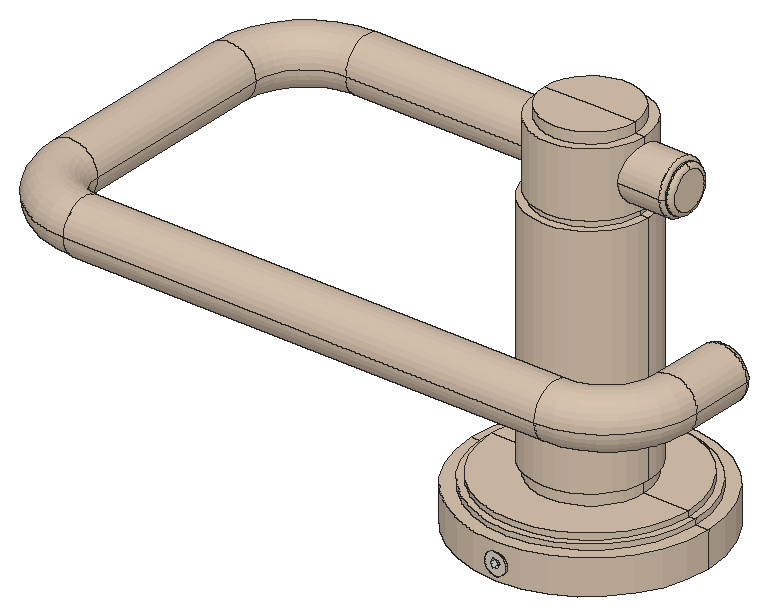
Revit family "Accessory-Tissue_Holder-KALLISTA-Vir_Stil-P80266_1", category Specialty Equipment, host Face, Revit 2021
Family settings
  Host = Face
  Round Connector Dimension = Use Diameter
  Part Type = Normal
  OmniClass Number = 23.31.25.00
  OmniClass Title = Toilet and Bath Specialties
  Cut with Voids When Loaded = No
  Shared = No
  Room Calculation Point = No
Parameters (values of type "BAF-Brushed French Gold")
  Width = 3.42126"  # constant formula
  WaterSense Certified = 1 = 0  # no
  URL = "https://www.kallista.com/"
  Type = 1
  Product Page URL = ""
  Product Name = "Vir Stil"  # constant formula
  Product Documentation Link = ""
  Model = if(Type = 1, "P80266-00-BAF", if(Type = 2, "P80266-00-BN", if(Type = 3, "P80266-00-CP", if(Type = 4, "P80266-00-SN", "NA"))))  # "P80266-00-BAF"
  Material = "Premium Metal Construction"  # constant formula
  Master Format 2014 Name = "Toilet, Bath, and Laundry Accessories"  # constant formula
  Master Format 2014 = "10 28 00"  # constant formula
  Manufacturer Address = "444 Highland Dr. Kohler, WI 53044"  # constant formula
  Manufacturer = "Kallista Co."  # constant formula
  Length = 5.94882"  # constant formula
  Height = 4.40945"  # constant formula
  Finish = Kallista-Metal-BAF-Brushed_French_Gold
  Environmental Product Declaration = ""
  Description = "Tissue Paper Holder Minimal"  # constant formula
  Default Elevation = 42"
  Declare Label = ""
  Date Modified = "10/28/2023"  # constant formula
  Date Created = "10/28/2023"  # constant formula
  Copyright = "Copyright Kallista Co."  # constant formula
  Contact Us = "https://www.kallista.com/corporate/contact-us/"
  Assembly Code = "C1030200"
  ADA Compliant = 1 = 0  # no
Types (5): name | Type | Model | Finish
  (no name) | 1 | "P80266-00-BAF" | Kallista-Metal-BAF-Brushed_French_Gold
  BAF-Brushed French Gold | 1 | "P80266-00-BAF" | Kallista-Metal-BAF-Brushed_French_Gold
  BN-Brushed Nickel | 2 | "P80266-00-BN" | Kallista-Metal-BN-Brushed_Nickel
  CP-Chrome | 3 | "P80266-00-CP" | Kallista-Metal-CP-Chrome
  SN-Polished Nickel | 4 | "P80266-00-SN" | Kallista-Metal-SN-Polished_Nickel
Reference planes (in)
  plane 1 "Center (Front/Back)": y = 0
  plane 2: z = 0
  plane 3 "Center (Left/Right)": x = 0
  plane 4: y = -3.32677
  plane 5: y = -2.85433
  plane 6: x = -2.50197
  plane 7: x = -2.97441
  plane 8: y = 0.23622
  plane 9: y = -0.23622
  plane 10: x = 1.08268
  plane 11: x = -1.08268
  plane 12: y = -1.08268
  plane 13: y = 1.08268
  plane 14: x = 2.97441
  plane 15: x = 2.50197
  plane 16: y = -1.87008
  plane 17: x = 0.5315
  plane 18: x = -0.5315
  plane 19: y = 0.5315
  plane 20: y = -0.5315
  plane 21: z = 3.42126
  plane 22: z = 2.79525
  plane 23: z = 3.26769
  plane 24: z = 0.41339
Dimensions and locks (in)
  level to plane 21 = 3.42126"
  plane 19 to plane 20 = 1.06299"
  level to plane 24 = 0.41339"
  plane 22 to plane 23 = 0.47244"
  plane 13 to plane 12 = 2.16535"
  "Height": plane 13 to plane 4
  plane 13 to plane 16 = 2.95276"
  plane 11 to plane 10 = 2.16535"
  plane 7 to plane 14 = 5.94882"
  "Length": plane 7 to plane 14
  "Width": level to plane 21
  aligned and locked: plane 2 to host face
  aligned and locked: level to host face
Automatic sketch dimensions
  host sketch curve to host sketch curve = 96"  (x2)
Nested families (in)
  nested 1: "P80266" at (0, 0, 0), type "P80266"
Definition of nested family "P80266"
  Parameters
    Material = none
    Default Elevation = 0"
  Reference planes (in)
    plane 1 "Center (Front/Back)": y = 0
    plane 2: z = 0
    plane 3 "Center (Left/Right)": x = 0
    plane 4: z = 3.42126
    plane 5: z = 0.41339
    plane 6: y = 0.5315
    plane 7: y = -0.5315
    plane 8: x = 2.97441
    plane 9: x = -2.97441
    plane 10: x = -0.5315
    plane 11: x = 0.5315
    plane 12: x = -1.08268
    plane 13: x = 1.08268
    plane 14: y = -1.08268
    plane 15: y = 1.08268
    plane 16: y = -1.87008
    plane 17: y = -3.32677
    plane 18: y = -2.85433
    plane 19: x = -2.50197
    plane 20: x = 2.50197
    plane 21: y = 0.23622
    plane 22: y = -0.23622
    plane 23: z = 2.79525
    plane 24: z = 3.26769
  Forms (in)
    Revolve 1, solid, material <- "Material", detail levels medium+fine
      sketch origin (0, 0, 0) x (1, 0, 0) y (0, 0, 1)
        loop
          line (0, 0) -> (0, 3.42126) -> (-0.41141, 3.42126) -> (-0.41141, 3.32746) -> (-0.49382, 3.32746) -> (-0.49382, 2.74015) -> (-0.46235, 2.74015) -> (-0.46235, 2.67738) -> (-0.5315, 2.67738) -> (-0.5315, 0.53147) -> (-0.49238, 0.53147) -> (-0.49238, 0.41339) -> (-0.89849, 0.41339) -> (-0.89849, 0.3622) -> (-0.96063, 0.3622) -> (-0.96063, 0.31496) -> (-1.08268, 0.31496) -> (-1.08268, 0) -> (0, 0)
        axis (0, 0) -> (0, 3.42126)
      angle from 0 to 360
    Sweep 2, solid, material <- "Material", detail levels medium+fine
      path origin (0, 0, 0) x (1, 0, 0) y (0, 1, 0)
        loop
          line (2.7392, -1.88028) -> (2.7392, -2.50019)
          arc (2.7392, -2.50019) -> (2.56624, -2.91777) -> (2.14865, -3.09074) r 0.59055
          line (2.14865, -3.09074) -> (-2.14812, -3.09074)
          arc (-2.14812, -3.09074) -> (-2.5657, -2.91777) -> (-2.73867, -2.50019) r 0.59055
          line (-2.73867, -2.50019) -> (-2.73867, -0.69383)
          arc (-2.73867, -0.69383) -> (-2.53552, -0.2034) -> (-2.0451, -0.00025) r 0.69357
          line (-2.0451, -0.00025) -> (0.85049, -0.00025)
      profile origin (2.7392, -2.19023, 0) x (1, 0, 0) y (0, 0, 1)
        loop
          circle (0, 3.03273) r 0.23734
    Sweep 3, solid, material <- "Material", detail levels medium+fine
      path origin (0, 0, 0) x (1, 0, 0) y (0, 1, 0)
        loop
          line (0.90591, 0.00021) -> (0.83007, 0.00021)
      profile origin (0.86799, 0.00021, 0) x (0, -1, 0) y (0, 0, 1)
        loop
          circle (0.00021, 3.03031) r 0.20617
    Revolve 4, void
      sketch origin (2.7392, 0, 0) x (0, 1, 0) y (0, 0, 1)
        loop
          line (-1.88028, 3.27007) -> (-1.9354, 3.27007)
          arc (-1.9354, 3.27007) -> (-1.89642, 3.25393) -> (-1.88028, 3.21495) r 0.05512
          line (-1.88028, 3.21495) -> (-1.88028, 3.27007)
        axis (-1.88028, 3.03273) -> (-1.9354, 3.03273)
      angle from 0 to 360
    Revolve 5, void
      sketch origin (0, 0, 0) x (1, 0, 0) y (0, 0, 1)
        loop
          line (0.90591, 3.23648) -> (0.86654, 3.23648)
          arc (0.86654, 3.23648) -> (0.89438, 3.22495) -> (0.90591, 3.19711) r 0.03937
          line (0.90591, 3.19711) -> (0.90591, 3.23648)
        axis (0.90591, 3.03031) -> (0.86654, 3.03031)
      angle from 0 to 360
    Sweep 6, void
      path origin (0, 0, 0) x (0, 1, 0) y (0, 0, 1)
        loop
          circle (-0.00025, 3.03273) r 0.23734
      profile origin (0, -0.00025, 2.79538) x (0, 0, -1) y (1, 0, 0)
        loop
          line (0, 0.819) -> (0, 0.74799) -> (0.08687, 0.74799) -> (0.08687, 0.9529) -> (-0.09574, 0.9529) -> (-0.09574, 0.85049) -> (-0.0315, 0.85049)
          arc (-0.0315, 0.85049) -> (-0.00922, 0.84127) -> (0, 0.819) r 0.0315
    Extrusion 7, solid, detail levels medium+fine
      sketch origin (0, 0, 0) x (1, 0, 0) y (0, 0, 1)
        loop
          circle (0, 0.1378) r 0.09843
        loop
          line (0.04506, 0.13977) -> (0.02082, 0.17781) -> (-0.02424, 0.17583) -> (-0.04506, 0.13582) -> (-0.02082, 0.09778) -> (0.02424, 0.09976) -> (0.04506, 0.13977)
      from 1.029 to 1.08286
    Extrusion 8, void
      sketch origin (0, 0, 0) x (1, 0, 0) y (0, 0, 1)
        loop
          circle (0, 0.1378) r 0.10031
      from 1.029 to 1.19137
    Sweep 9, solid, material <- "Material", detail levels coarse
      path origin (0, 0, 0) x (1, 0, 0) y (0, 1, 0)
        loop
          line (2.7484, -1.87277) -> (2.7484, -3.09685) -> (-2.70457, -3.09685) -> (-2.70457, -0.0213) -> (0.90878, -0.0213)
      profile origin (2.7484, -2.48481, 0) x (1, 0, 0) y (0, 0, 1)
        loop
          circle (-0.0123, 3.03243) r 0.23424
    Revolve 10, solid, material <- "Material", detail levels coarse
      sketch origin (0, 0, 0) x (1, 0, 0) y (0, 0, 1)
        loop
          line (0, 0) -> (1.08268, 0) -> (1.08268, 0.41339) -> (0.5315, 0.41339) -> (0.5315, 3.42126) -> (0, 3.42126) -> (0, 0)
        axis (0, 3.42126) -> (0, 0)
      angle from 0 to 360
  Cuts and joins
    Extrusion 8 cuts Revolve 1
    Revolve 4, Sweep 6 cuts Sweep 2
    joined: Revolve 1, Sweep 2
    Revolve 5 cuts Sweep 3
    joined: Sweep 9, Revolve 10
  Lines and regions (in)
    Masking region 1
      outline origin (0, 0, 0) x (1, 0, 0) y (0, 1, 0)
        loop
          line (-2.97441, -0.59937) -> (-2.97441, -2.49863)
          arc (-2.97441, -2.49863) -> (-2.73185, -3.08421) -> (-2.14627, -3.32677) r 0.82814
          line (-2.14627, -3.32677) -> (2.18701, -3.32677)
          arc (2.18701, -3.32677) -> (2.74378, -3.09615) -> (2.97441, -2.53937) r 0.7874
          line (2.97441, -2.53937) -> (2.97441, -1.89044)
          arc (2.97441, -1.89044) -> (2.96845, -1.87604) -> (2.95405, -1.87008) r 0.02036
          line (2.95405, -1.87008) -> (2.52244, -1.87008)
          arc (2.52244, -1.87008) -> (2.50796, -1.87607) -> (2.50197, -1.89055) r 0.02047
          line (2.50197, -1.89055) -> (2.50197, -2.46063)
          arc (2.50197, -2.46063) -> (2.38666, -2.73902) -> (2.10827, -2.85433) r 0.3937
          line (2.10827, -2.85433) -> (-2.15284, -2.85433)
          arc (-2.15284, -2.85433) -> (-2.39971, -2.75207) -> (-2.50197, -2.5052) r 0.34913
          line (-2.50197, -2.5052) -> (-2.50197, -0.59766)
          arc (-2.50197, -0.59766) -> (-2.3961, -0.34209) -> (-2.14052, -0.23622) r 0.36144
          line (-2.14052, -0.23622) -> (-1.05659, -0.23622)
          arc (-1.05659, -0.23622) -> (1.08268, 0) -> (-1.05659, 0.23622) r 1.08268
          line (-1.05659, 0.23622) -> (-2.13882, 0.23622)
          arc (-2.13882, 0.23622) -> (-2.72967, -0.00852) -> (-2.97441, -0.59937) r 0.83559
    Masking region 2
      outline origin (0, 0, 0) x (1, 0, 0) y (0, 0, 1)
        loop
          line (1.08268, 0) -> (1.08268, 0.31517) -> (0.96063, 0.31517) -> (0.96063, 0.3622) -> (0.89849, 0.3622) -> (0.89849, 0.41339) -> (0.49224, 0.41339) -> (0.49224, 0.53153) -> (0.5315, 0.53153) -> (0.5315, 2.67758) -> (0.46276, 2.67758) -> (0.46276, 2.73988) -> (0.49403, 2.73988) -> (0.49403, 2.79525) -> (2.74606, 2.79525)
          arc (2.74606, 2.79525) -> (2.98228, 3.03147) -> (2.74606, 3.26769) r 0.23622
          line (2.74606, 3.26769) -> (0.49403, 3.26769) -> (0.49403, 3.32678) -> (0.41224, 3.32678) -> (0.41224, 3.42126) -> (-0.4123, 3.42126) -> (-0.4123, 3.32678) -> (-0.49403, 3.32678) -> (-0.49403, 3.26769) -> (-2.74606, 3.26769)
          arc (-2.74606, 3.26769) -> (-2.98228, 3.03147) -> (-2.74606, 2.79525) r 0.23622
          line (-2.74606, 2.79525) -> (-0.49403, 2.79525) -> (-0.49403, 2.73988) -> (-0.46276, 2.73988) -> (-0.46276, 2.67758) -> (-0.5315, 2.67758) -> (-0.5315, 0.53153) -> (-0.49224, 0.53153) -> (-0.49224, 0.41339) -> (-0.89849, 0.41339) -> (-0.89849, 0.3622) -> (-0.96063, 0.3622) -> (-0.96063, 0.31517) -> (-1.08268, 0.31517) -> (-1.08268, 0) -> (1.08268, 0)
    Masking region 3
      outline origin (0, 0, 0) x (0, 1, 0) y (0, 0, 1)
        loop
          line (-0.41346, 3.42126) -> (-0.41346, 3.32675) -> (-0.49212, 3.32675) -> (-0.49212, 3.26769) -> (-3.09349, 3.26769)
          arc (-3.09349, 3.26769) -> (-3.32971, 3.03147) -> (-3.09349, 2.79525) r 0.23622
          line (-3.09349, 2.79525) -> (-0.49212, 2.79525) -> (-0.49212, 2.74015) -> (-0.46081, 2.74015) -> (-0.46081, 2.67738) -> (-0.5315, 2.67738) -> (-0.5315, 0.53147) -> (-0.49238, 0.53147) -> (-0.49238, 0.41339) -> (-0.90157, 0.41339) -> (-0.90157, 0.3622) -> (-0.96063, 0.3622) -> (-0.96063, 0.31496) -> (-1.08268, 0.31496) -> (-1.08268, 0) -> (1.08268, 0) -> (1.08268, 0.31496) -> (0.96063, 0.31496) -> (0.96063, 0.3622) -> (0.90157, 0.3622) -> (0.90157, 0.41339) -> (0.49238, 0.41339) -> (0.49238, 0.53147) -> (0.5315, 0.53147) -> (0.5315, 2.67738) -> (0.46139, 2.67738) -> (0.46139, 2.74015) -> (0.49212, 2.74015) -> (0.49212, 3.32675) -> (0.41327, 3.32675) -> (0.41327, 3.42126) -> (-0.41346, 3.42126)
    symbolic lines, detail levels medium+fine
      curve 1: arc (-0.92678, -0.23622, 0) -> (0.95641, 0, 0) -> (-0.92678, 0.23622, 0) r 0.95641
      curve 2: line (-1.05659, -0.23622, 0) -> (-0.42895, -0.23622, 0)
      curve 3: line (-1.05659, 0.23622, 0) -> (-0.42895, 0.23622, 0)
      curve 4: arc (-0.86569, -0.23622, 0) -> (0.01524, -0.89721, 0) -> (0.87322, -0.20668, 0) r 0.89734
      curve 5: line (0.42926, 0.23566, 0) -> (0.83057, 0.23566, 0)
      curve 6: line (0.85058, 0.21564, 0) -> (0.85058, -0.21645, 0)
      curve 7: line (0.42898, -0.23616, 0) -> (0.83087, -0.23616, 0)
      curve 8: arc (0.85058, -0.21645, 0) -> (0.8447, -0.23049, 0) -> (0.83057, -0.23616, 0) r 0.01972
      curve 9: arc (0.83057, 0.23566, 0) -> (0.84472, 0.22979, 0) -> (0.85058, 0.21564, 0) r 0.02001
      curve 10: line (0.85058, -0.20668, 0) -> (0.8849, -0.20668, 0)
      curve 11: line (0.85058, 0.2067, 0) -> (0.88561, 0.2067, 0)
      curve 12: line (0.90553, 0.18677, 0) -> (0.90553, -0.18604, 0)
      curve 13: arc (0.88561, 0.2067, 0) -> (0.8997, 0.20086, 0) -> (0.90553, 0.18677, 0) r 0.01992
      curve 14: arc (0.90553, -0.18604, 0) -> (0.89974, -0.20038, 0) -> (0.88561, -0.20667, 0) r 0.02064
      curve 15: arc (0.87321, 0.2067, 0) -> (0.01523, 0.89721, 0) -> (-0.86569, 0.23622, 0) r 0.89734
      curve 16: arc (0.47696, 0.23566, 0) -> (0.00032, 0.532, 0) -> (-0.47668, 0.23622, 0) r 0.532
      curve 17: arc (-0.47668, -0.23622, 0) -> (0.00003, -0.532, 0) -> (0.47671, -0.23616, 0) r 0.532
      curve 18: line (0.88561, 0.2067, 0) -> (0.88561, -0.20667, 0)
      curve 19: line (0.83057, 0.23566, 0) -> (0.83057, -0.23616, 0)
      curve 20: circle (0, 0, 0) r 0.48969 normal (0, 0, 1)
      curve 21: circle (0, 0, 0) r 0.41353 normal (0, 0, 1)
      curve 22: line (0.83057, -0.00025, 0) -> (0.48969, -0.00025, 0)
      curve 23: line (-2.1474, -0.00153, 0) -> (-0.48969, -0.00153, 0)
      curve 24: line (-2.73795, -0.59208, 0) -> (-2.73795, -2.43019, 0)
      curve 25: line (2.14956, -3.09055, 0) -> (-2.07759, -3.09055, 0)
      curve 26: line (2.74012, -2.5, 0) -> (2.74012, -1.89044, 0)
      curve 27: arc (2.74012, -2.5, 0) -> (2.56715, -2.91758, 0) -> (2.14956, -3.09055, 0) r 0.59055
      curve 28: arc (-2.07759, -3.09055, 0) -> (-2.54453, -2.89714, 0) -> (-2.73795, -2.43019, 0) r 0.66036
      curve 29: arc (-2.1474, -0.00153, 0) -> (-2.56498, -0.17449, 0) -> (-2.73795, -0.59208, 0) r 0.59055
      curve 30: line (2.97441, -1.89044, 0) -> (2.50351, -1.89044, 0)
      curve 31: line (2.50051, -2.49452, 0) -> (2.97441, -2.49452, 0)
      curve 32: line (2.14542, -2.85257, 0) -> (2.14542, -3.32677, 0)
      curve 33: line (-2.50197, -2.5052, 0) -> (-2.97441, -2.5052, 0)
      curve 34: line (-2.15284, -2.85433, 0) -> (-2.15284, -3.32921, 0)
      curve 35: line (-2.50197, -0.59766, 0) -> (-2.97105, -0.59766, 0)
      curve 36: line (-2.14052, -0.23622, 0) -> (-2.14052, 0.23622, 0)
      curve 37: arc (2.74606, 0, 3.26769) -> (2.50984, 0, 3.03147) -> (2.74606, 0, 2.79525) r 0.23622
      curve 38: line (0.41224, 0, 3.32678) -> (-0.4123, 0, 3.32678)
      curve 39: arc (0.49403, 0, 3.26769) -> (0.42731, 0, 3.03147) -> (0.49403, 0, 2.79525) r 0.45148
      curve 40: arc (-0.49403, 0, 3.26769) -> (-0.42674, 0, 3.03147) -> (-0.49403, 0, 2.79525) r 0.44825
      curve 41: line (0.46276, 0, 2.73988) -> (-0.46276, 0, 2.73988)
      curve 42: line (0.46276, 0, 2.67758) -> (-0.46276, 0, 2.67758)
      curve 43: line (0.82917, 0, 3.26769) -> (0.82917, 0, 2.79525)
      curve 44: line (0.85036, 0, 2.81829) -> (0.85036, 0, 3.23805)
      curve 45: arc (0.85036, 0, 3.24116) -> (0.84441, 0, 3.25814) -> (0.82917, 0, 3.26769) r 0.0272
      curve 46: arc (0.82917, 0, 2.79525) -> (0.84425, 0, 2.80264) -> (0.85036, 0, 2.81829) r 0.02312
      curve 47: line (0.85036, 0, 2.82522) -> (0.88525, 0, 2.82522)
      curve 48: line (0.90535, 0, 2.84531) -> (0.90535, 0, 3.21794)
      curve 49: line (0.88524, 0, 3.23805) -> (0.85036, 0, 3.23805)
      curve 50: arc (0.90535, 0, 3.21794) -> (0.89946, 0, 3.23216) -> (0.88524, 0, 3.23805) r 0.02011
      curve 51: arc (0.88525, 0, 2.82522) -> (0.89946, 0, 2.8311) -> (0.90535, 0, 2.84531) r 0.0201
      curve 52: line (0.88525, 0, 2.82522) -> (0.88525, 0, 3.23674)
      curve 53: line (-2.15025, 0, 2.79525) -> (-2.15025, 0, 3.26769)
      curve 54: line (2.1597, 0, 2.79525) -> (2.1597, 0, 3.26769)
      curve 55: line (0.5315, 0, 2.67025) -> (-0.5315, 0, 2.67025)
      curve 56: line (0.49403, 0, 2.74611) -> (-0.49403, 0, 2.74611)
      curve 57: line (-0.46276, 0, 2.73427) -> (0.46276, 0, 2.73427)
      curve 58: line (0.49403, 0, 3.32133) -> (-0.49403, 0, 3.32133)
      curve 59: line (0.49224, 0, 0.53153) -> (-0.49224, 0, 0.53153)
      curve 60: line (0.49224, 0, 0.52057) -> (-0.49201, 0, 0.52057)
      curve 61: line (0.49224, 0, 0.41339) -> (-0.49224, 0, 0.41339)
      curve 62: line (0.89849, 0, 0.3622) -> (-0.89849, 0, 0.3622)
      curve 63: line (0.96063, 0, 0.31517) -> (-0.96063, 0, 0.31517)
      curve 64: circle (0, -0.00009, 3.03387) r 0.24414 normal (1, 0, 0)
      curve 65: circle (0, -0.00009, 3.03387) r 0.21559 normal (1, 0, 0)
      curve 66: circle (0, -0.00009, 3.03387) r 0.18317 normal (1, 0, 0)
      curve 67: line (0, -0.41346, 3.32675) -> (0, 0.41327, 3.32675)
      curve 68: line (0, -0.46081, 2.74015) -> (0, 0.46139, 2.74015)
      curve 69: line (0, -0.49212, 3.3211) -> (0, -0.49212, 2.74548)
      curve 70: line (0, -0.96063, 0.31496) -> (0, 0.96063, 0.31496)
      curve 71: line (0, -0.90157, 0.3622) -> (0, 0.90157, 0.3622)
      curve 72: line (0, -0.49238, 0.53147) -> (0, 0.49238, 0.53147)
      curve 73: line (0, -0.49238, 0.52059) -> (0, 0.49238, 0.52059)
      curve 74: line (0, -0.5315, 0.53618) -> (0, 0.5315, 0.53618)
      curve 75: line (0, -0.49238, 0.41339) -> (0, 0.49238, 0.41339)
      curve 76: line (0, -0.46081, 2.67738) -> (0, 0.46139, 2.67738)
      curve 77: line (0, -0.5315, 2.67287) -> (0, 0.5315, 2.67287)
      curve 78: line (0, -0.46081, 2.68265) -> (0, 0.46139, 2.68265)
      curve 79: line (0, -0.49212, 2.74548) -> (0, 0.49212, 2.74548)
      curve 80: line (0, -0.46081, 2.73497) -> (0, 0.46139, 2.73497)
      curve 81: line (0, -0.49212, 3.3211) -> (0, 0.49213, 3.3211)
      curve 82: line (0, -0.68897, 3.26769) -> (0, -0.68897, 2.79525)
      curve 83: line (0, -1.87007, 3.26769) -> (0, -1.87007, 2.79525)
      curve 84: line (0, -2.50183, 3.26769) -> (0, -2.50183, 2.79525)
  Dimensions and locks (in)
    plane 4 to level = 3.42126"
    plane 5 to level = 0.41339"
    plane 7 to plane 6 = 1.06299"
    plane 8 to plane 9 = 5.94882"
    plane 11 to plane 10 = 1.06299"
    plane 13 to plane 12 = 2.16535"
    plane 15 to plane 14 = 2.16535"
    plane 14 to plane 15 = 2.16535"
    plane 12 to plane 13 = 2.16535"
    plane 16 to plane 15 = 2.95276"
    plane 17 to plane 15 = 4.40945"
    plane 17 to plane 18 = 0.47244"
    aligned and locked: plane 2 to level
